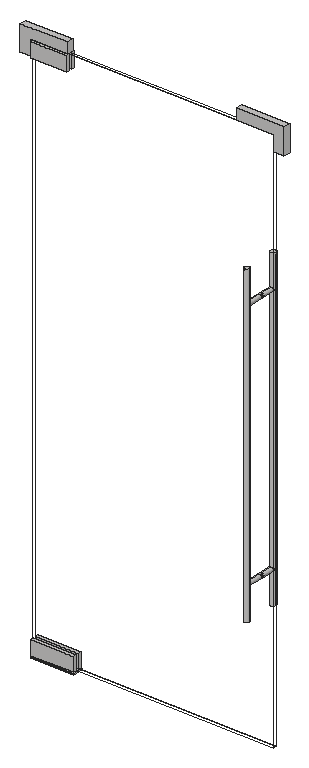
Revit family "Doors_Swing_Avanti_Systems_Pivot-Frameless-Single-Swing-Door-Sgl-Glazed", category Doors, Revit 2015
Parameters (values of type "Load Family Type Catalog")
  Youtube clip = ""
  Weight Net (Kg) = "0"
  Warranty = "1 year"  # constant formula
  Uniformat II Description = "Interior Doors"
  Uniformat II Code = "C1020"
  Uniclass 2015 Name = "Doors and windows"
  Uniclass 2015 Code = "EF_25_30"
  Uniclass 2.0 Description = ""
  Uniclass 2.0 Code = ""
  Uniclass 1.4 Description = "Doors"
  Uniclass 1.4 Code = "JL20"
  URL = "https://www.avantisystemsusa.com"
  UNSPSC Code = "30171504"
  Type = 1
  Thickness = if(Type = 1, 1/2", if(Type = 2, 3/4", if(Type = 3, 3/8", if(Type = 4, 7/16", 9/16"))))  # 1/2"
  Technical description = ""
  Sound Rating = 0
  Sketch dimension [instance] = Opening Width - 93/128"  # 36 35/128"
  Region South America = "All"
  Region Oceania = "All"
  Region North America = "All"
  Region Middle East = "All"
  Region Europe = "All"
  Region Asia = "All"
  Region Antarctica = "All"
  Region Africa = "All"
  Recessed Floor Closer [instance] = yes
  QR code = "http://bimobject.com/avantisystems/product/avanti-pivot-frameless-swing-door"
  Product url = "https://www.avantisystemsusa.com/glass-products/doors/pivot-doors-hinged-doors/single-glazed-frameless/"
  Product group = "Pivot Frameless Swing"
  Product family = "Pivot & Hinged Doors"
  Product data url = "https://bimobject.com/avantisystems/product/avanti-pivot-frameless-swing-door"
  Product certification = ""
  Product SKU = "avanti-pivot-frameless-swing-door"
  Product Guid = "3a11851e-372f-40ff-a97e-0ea9b5931639"
  Power = 110 V  # constant formula
  Opening Width [instance] = 37"
  OmniClass Description = "Wood Doors"
  OmniClass Code = "23-17 11 15"
  Nominal width = 0"
  Nominal height = 0"
  NBS Reference Description = ""
  NBS Reference Code = ""
  Model = "Pivot Frameless Swing Door"  # constant formula
  Material secondary = "Aluminium"
  Material main = "Glass"
  Masterformat 2014 Description = "Wood Doors"
  Masterformat 2014 Code = "08 14 00"
  Manufacturer name = "Avanti Systems"
  Manufacturer country = ""
  Manufacturer = "Avanti Systems USA"  # constant formula
  Lock = "Thumb turn floor lock with a key"
  Ladder Pull Height [instance] = 18"
  LEED compatibility = "YES"
  Installation instructions = ""
  IFC Classification = "Door"
  Height [instance] = 84"
  Hardware material [instance] = Stainless Steel - Avanti- Brushed Finish
  Handle type [instance] = Handle : 48" Ladder Pull
  Handle height [instance] = Height  # 84"
  Glazing = "Safety Glazing SGCC"
  Glass Width [instance] = 36 5/8"
  Glass Material = Glass - Avanti - Lunar™ Smart Glass Partition System
  Glass Marker = yes
  Glass Height [instance] = 83 5/8"
  Function = Interior
  Edition number = 1
  EAN code = ""
  Design country = "United States"
  Description = "The Pivot Frameless Glass Swing Door is our luxury glass door solution that is completely customizable and is compatible with every partition system we offer as well as solid traditional walls."  # constant formula
  Date of publishing = ""
  Clear Anodic Finish = "AAMA 611, AA-M12c22A31, Class II, 0.01mm or thicker"
  COBIe Type Category = ""
  Brand url = "http://www.avantisystemsusa.com/"
  BIMobject main category code = "doors"
  BIMobject main category = "Doors"
  BIMobject category code = "doors-swing"
  BIMobject category = "Swing"
  Analytic Construction = "<None>"
  Acoustic performance (dB) = 43  # constant formula
Reference planes (in)
  plane 1 "Center (Front/Back)": y = 0
  plane 2: z = 0
  plane 3 "Center (Left/Right)": x = 3.24894
  plane 4: x = -15.25106
  plane 5: x = 21.74894
  plane 6 "Top": z = 84
  plane 7 "Curtain_wall_center": y = 0
  plane 8 "Curtain_wall_exterior": y = 0.25
  plane 9 "Curtain_wall_interior": y = -0.25
  plane 10 "Handle_placement_level": x = 19.24894
  plane 11: x = 23.31144
  plane 12: x = -16.81356
  plane 13: z = 83.8125
  plane 14: x = 21.56144
  plane 15: x = -15.06356
  plane 16: z = 0.1875
  plane 17: z = 42
Forms (in)
  Extrusion 1, solid, material "Glass - Avanti - Lunar™ Smart Glass Partition System" <- "Glass Material"
    sketch origin (0, -1.125, 0) x (1, 0, 0) y (0, 1, 0)
      loop
        line (-15.06356, 1.375) -> (-15.06356, 0.875) -> (21.56144, 0.875) -> (21.56144, 1.375) -> (-15.06356, 1.375)
    from 0.1875 to 83.8125
Lines and regions (in)
  Masking region 1
    outline origin (3.24894, 0, 0) x (0, 1, 0) y (0, 0, 1)
      loop
        line (0.25, 83.8125) -> (-0.25, 83.8125) -> (-0.25, 0.1875) -> (0.25, 0.1875) -> (0.25, 83.8125)
  symbolic lines, style "0", not visible
    curve 1: circle (20.74894, 4.89891, 0) r 0.39445 normal (0, 0, 1)
    curve 2: line (20.43894, 4.65501, 0) -> (20.43894, 2.625, 0)
    curve 3: line (21.06195, 4.65887, 0) -> (21.06195, 2.625, 0)
    curve 4: circle (20.74894, -0.14891, 0) r 0.39445 normal (0, 0, -1)
    curve 5: line (20.43894, 0.09499, 0) -> (20.43894, 2.125, 0)
    curve 6: line (21.06195, 0.09113, 0) -> (21.06195, 2.125, 0)
  symbolic lines, style "0"
    curve 7: line (-14.76823, -0.25, 0) -> (21.74894, -0.25, 0)
    curve 8: line (21.74894, -0.25, 0) -> (21.74894, 0.25, 0)
    curve 9: line (-14.76823, 0.25, 0) -> (21.74894, 0.25, 0)
    curve 10: line (3.24894, 0.25, 84) -> (3.24894, -0.25, 84)
    curve 11: line (3.24894, 0.25, 73) -> (3.24894, 0.25, 83.8125)
    curve 12: line (3.24894, -0.25, 83.8125) -> (3.24894, -0.25, 73)
    curve 13: line (3.24894, 0.25, 0.1875) -> (3.24894, 0.25, 73)
    curve 14: line (3.24894, 0.70493, 0) -> (3.24894, 0.40916, 0)
    curve 15: line (3.24894, 0.25, 73) -> (3.24894, -0.25, 73)
    curve 16: line (3.24894, -0.25, 0.1875) -> (3.24894, -0.25, 83.8125)
  symbolic lines, visible <- "Glass Marker"
    curve 17: line (0.42051, -0.24998, 39.17157) -> (6.07737, -0.24998, 44.82843)
    curve 18: line (3.24894, -0.24998, 40.15204) -> (5.0969, -0.24998, 42)
    curve 19: line (1.40098, -0.24998, 42) -> (3.24894, -0.24998, 43.84796)
  symbolic lines, not visible
    curve 20: line (1.40098, 0.25002, 42) -> (5.0969, 0.25002, 42)
    curve 25: line (-1.84534, 0.25002, 22.66367) -> (1.85057, 0.25002, 22.66367)
  model lines, not visible
    curve 21: line (3.24894, 0.25002, 40.15204) -> (3.24894, 0.25002, 43.84796)
    curve 26: line (0.00262, 0.25002, 20.81572) -> (0.00262, 0.25002, 24.51163)
  symbolic lines, visible <- "Glass Marker", not visible
    curve 22: line (-2.82581, -0.24998, 19.83525) -> (2.83104, -0.24998, 25.4921)
    curve 23: line (0.00262, -0.24998, 20.81572) -> (1.85057, -0.24998, 22.66367)
    curve 24: line (-1.84534, -0.24998, 22.66367) -> (0.00262, -0.24998, 24.51163)
  symbolic lines, style "DoorsHiddenLines"
    curve 27: line (21.56144, 0, 83.8125) -> (-15.06356, 0, 42)
    curve 28: line (-15.06356, 0, 42) -> (21.56144, 0, 0.1875)
    curve 29: line (-14.33547, 0, 0) -> (-14.33547, 36.27344, 0)
    curve 30: arc (-14.33547, 36.27344, 0) -> (11.1585, 25.72611, 0) -> (21.74889, 0.25, 0) r 36.08441
Text (in)
  text "Exterior" at (-45.72835, 31.38743, 0), in view "Ref. Level"
Dimensions and locks (in)
  equal spacing: plane 4, plane 3 "Center (Left/Right)", plane 5  (x2)
  equal spacing: plane 8 "Curtain_wall_exterior", plane 7 "Curtain_wall_center", plane 9 "Curtain_wall_interior"
  "Thickness": plane 8 "Curtain_wall_exterior" to plane 9 "Curtain_wall_interior"
  "Opening Width": plane 4 to plane 5
  locked: plane 10 "Handle_placement_level" to plane 5 at 2.5
  curve 13 to curve 16 = 1/2"
  Extrusion 1 to Extrusion 1 = 1/2"
  locked: plane 5 to plane 11 at 1.5625
  locked: plane 12 to plane 4 at 1.5625
  "Height": plane 6 "Top" to plane 2
  locked: plane 13 to plane 6 "Top" at 0.1875
  locked: plane 14 to plane 5 at 0.1875
  locked: plane 4 to plane 15 at 0.1875
  locked: plane 2 to plane 16 at 0.1875
  equal spacing: plane 16, plane 17, plane 13
  "Glass Width": plane 15 to plane 14
  "Glass Height": plane 16 to plane 13
  locked: plane 15 to curve 29 at 0.72809
  "Sketch dimension": plane 7 "Curtain_wall_center" to curve 29
  locked: curve 30 to plane 5 at 0.00005
  aligned and locked: level to plane 2
  aligned and locked: curve 8 to plane 5
  aligned and locked: nested 1 to plane 5
  aligned and locked: nested 2 to plane 4  (x2)
  aligned and locked: plane 6 "Top" to nested 1
  aligned and locked: nested 2 to plane 6 "Top"
  aligned and locked: plane 9 "Curtain_wall_interior" to curve 8
  aligned and locked: plane 11 to nested 1
  aligned and locked: plane 12 to nested 2
  aligned and locked: plane 2 to nested 4
  aligned and locked: plane 5 to curve 9
  aligned and locked: Extrusion 1 to plane 16
  aligned and locked: Extrusion 1 to plane 14
  aligned and locked: plane 15 to Extrusion 1
  aligned and locked: Extrusion 1 to plane 13
  aligned and locked: nested 3 to plane 13
  aligned and locked: nested 5 to plane 13
  aligned and locked: plane 15 to nested 5
  aligned and locked: plane 15 to nested 4
  aligned and locked: plane 17 to curve 20
  aligned and locked: plane 3 "Center (Left/Right)" to curve 21
  aligned and locked: plane 16 to curve 28
  aligned and locked: plane 14 to curve 28
  aligned and locked: plane 17 to curve 27
  aligned and locked: plane 15 to curve 27
  aligned and locked: plane 13 to curve 27
  aligned and locked: plane 14 to curve 27
  aligned and locked: Masking region 1 sketch curve to plane 8 "Curtain_wall_exterior"
  aligned and locked: plane 9 "Curtain_wall_interior" to Masking region 1 sketch curve
  aligned and locked: plane 13 to Masking region 1 sketch curve
  aligned and locked: plane 16 to Masking region 1 sketch curve
  aligned and locked: plane 16 to curve 13
  aligned and locked: plane 16 to curve 16
  aligned and locked: plane 13 to curve 11
  aligned and locked: plane 13 to curve 16
  aligned and locked: plane 7 "Curtain_wall_center" to curve 29
  aligned and locked: curve 29 to curve 30
  aligned and locked: plane 7 "Curtain_wall_center" to nested 2
  aligned and locked: plane 7 "Curtain_wall_center" to nested 1
  aligned and locked: plane 10 "Handle_placement_level" to nested 3
  aligned and locked: plane 15 to nested 6
  aligned and locked: nested 6 to plane 2
  aligned and locked: nested 7 to plane 7 "Curtain_wall_center"
  aligned and locked: nested 7 to plane 2
Automatic sketch dimensions
  Extrusion 1 sketch curve to plane 4 = 3/16"
  plane 5 to Extrusion 1 sketch curve = 3/16"
  Extrusion 1 sketch curve to plane 9 "Curtain_wall_interior" = 0"
  Extrusion 1 sketch curve to plane 8 "Curtain_wall_exterior" = 0"
  plane 6 "Top" to curve 10 = 0"
  curve 10 to plane 9 "Curtain_wall_interior" = 0"
  curve 16 to plane 9 "Curtain_wall_interior" = 0"
  curve 13 to plane 8 "Curtain_wall_exterior" = 0"
  curve 10 to plane 8 "Curtain_wall_exterior" = 0"
  curve 14 to level = 0"
  plane 13 to curve 13 = 10 13/16"
  plane 8 "Curtain_wall_exterior" to curve 14 = 0.15916"
  curve 14 to curve 14 = 0.29578"
  curve 9 to plane 8 "Curtain_wall_exterior" = 0"
  curve 9 to plane 15 = 0.29533"
  curve 7 to plane 15 = 0.29533"
Nested families (in)
  nested 1: "Pivot Door Top Free Swing Patch Fitting" at (12.24802, -0.5, 84) x (-1, 0, 0) z (0, 1, 0), type "Pivot Door Top Free Swing Patch Fitting"
  nested 2: "Pivot Door Top Free Swing Patch Fitting" at (-5.75014, -0.5, 84) x (1, 0, 0) z (0, 1, 0), type "Pivot Door Top Free Swing Patch Fitting"
  nested 3: "Handle" at (17.62394, 1.625, 37.8125) x (1, 0, 0) z (0, 1, 0), type <- "Handle type", type "48" Ladder Pull", detail levels medium+fine
    with Locker yes, Width 37", Height 84"
  nested 4: "Pivot Door Bottom Free Swing Pivot Option" at (-15.06356, 0.25, 0) x (1, 0, 0) z (0, 1, 0), Glass Thickness Control <- "Thickness", Product Material <- "Hardware material", type "Glass Thickness 8.0 mm"
    with Recessed Floor Closer yes, Product Material Stainless Steel - Avanti- Brushed Finish, Glass Thickness Control 1/2"
  nested 5: "Pivot Door Top Free Swing Pivot" at (-15.06356, 0.25, 81.49754) x (1, 0, 0) z (0, 1, 0), Glass Thickness Control <- "Thickness", Product Material <- "Hardware material", type "Glass Thickness 8.0 mm"
    with Product Material Stainless Steel - Avanti- Brushed Finish, Glass Thickness Control 1/2"
  nested 6: "Recessed Floor Closer - Elevation" at (-12.99146, 0, 0.11624) x (1, 0, 0) z (0, -1, 0), visible <- "Recessed Floor Closer", type "Recessed Floor Closer - Elevation"
  nested 7: "Recessed Floor Closer - Section" at (3.24894, 0, 0) x (0, 1, 0) z (1, 0, 0), visible <- "Recessed Floor Closer", type "Recessed Floor Closer - Section"
Definition of nested family "Pivot Door Top Free Swing Patch Fitting"
  Parameters (values of type "Pivot Door Top Free Swing Patch Fitting")
    Material = none
    Default Elevation = 48"
  Reference planes (in)
    plane 1 "Center (Front/Back)": y = 0
    plane 2: z = 0
    plane 3 "Center (Left/Right)": x = 0
  Forms (in)
    Extrusion 1, solid, material <- "Material"
      sketch origin (5.75014, 73, 1.91797) x (0, -1, 0) y (1, 0, 0)
        loop
          line (73, -9.56356) -> (73, -15.25106) -> (70.64844, -15.25106) -> (70.64844, -16.81356) -> (74.5625, -16.81356) -> (74.5625, -9.56356) -> (73, -9.56356)
      from -1.91797 to -0.91797
  Lines and regions (in)
    reference lines
      curve 1: line (0, 2.35156, 0.5) -> (0, -5.14844, 0.5)
  Dimensions and locks (in)
    aligned and locked: level to plane 2
Definition of nested family "Handle"
  Parameters (values of type "48" Ladder Pull")
    Width = 54.28299"
    Type = 3
    Ladder Pool Height = 18"
    Ladder 60" = if(Type = 5, 1 = 1, 1 = 0)  # no
    Ladder = if(Type = 3, 1 = 1, 1 = 0)  # yes
    Thickness = 1/2"
    Panic hardware = if(Type = 4, 1 = 1, 1 = 0)  # no
    Material = none
    Locker [instance] = yes
    Height = 90 9/16"
    Glass door = if(Type = 2, 1 = 1, 1 = 0)  # no
    Framed door = if(Type = 1, 1 = 1, 1 = 0)  # no
    Default Elevation = 48"
  Types (3): name | Width | Type | Ladder 60" | Ladder | Panic hardware
    60" Ladder Pull | 54.28299" | 5 | yes | no | no
    Panic Device | 26.41493" | 4 | no | no | yes
    48" Ladder Pull | 54.28299" | 3 | no | yes | no
  Reference planes (in)
    plane 1 "Center (Front/Back)": y = 0
    plane 2: z = 0
    plane 3 "Center (Left/Right)": x = 0
    plane 4 "door_up": z = -1.375
    plane 5 "door_down": z = -1.875
    plane 6: z = -3.25
    plane 7: x = -1.25
    plane 8: x = -43.31449
    plane 9: x = -46.03299
    plane 10: x = -43.31449
    plane 11: y = 51.9375
    plane 12: y = 0.625
    plane 13: y = 11.125
    plane 14: y = 52.5625
    plane 15: y = -38
    plane 16: x = -50.15799
    plane 17 "door": x = 4.125
    plane 18: x = 1.625
    plane 19: y = -20
  Forms (in)
    Sweep 1, solid, material <- "Material", visible <- "Panic hardware"
      path origin (0, 0, 0) x (1, 0, 0) y (0, 1, 0)
        loop
          line (-1.25, 51.9375) -> (-1.25, 4.25)
          arc (-1.25, 4.25) -> (-2.12868, 2.12868) -> (-4.25, 1.25) r 3
          line (-4.25, 1.25) -> (-43.31449, 1.25)
      profile origin (-1.25, 28.09375, 0) x (1, 0, 0) y (0, 0, 1)
        loop
          circle (0.625, 0.625) r 0.625
    Sweep 2, solid, material <- "Material", visible <- "Panic hardware"
      path origin (0, 0, 0) x (1, 0, 0) y (0, 0, 1)
        loop
          line (-43.31449, 0) -> (-44.06449, 0)
          arc (-44.06449, 0) -> (-44.57255, -0.21044) -> (-44.78299, -0.7185) r 0.7185
          line (-44.78299, -0.7185) -> (-44.78299, -1.375)
      profile origin (-43.68949, 0, 0) x (0, 0, -1) y (0, -1, 0)
        loop
          circle (-0.625, -0.625) r 0.625
    Sweep 3, solid, material <- "Material", visible <- "Panic hardware"
      path origin (0, 0, -6.75) x (1, 0, 0) y (0, 0, -1)
        loop
          line (-43.31449, -3.5) -> (-44.06449, -3.5)
          arc (-44.06449, -3.5) -> (-44.57255, -3.71044) -> (-44.78299, -4.2185) r 0.7185
          line (-44.78299, -4.2185) -> (-44.78299, -4.875)
      profile origin (-43.68949, 0, -3.25) x (0, 0, -1) y (0, -1, 0)
        loop
          circle (0.625, -0.625) r 0.625
    Sweep 4, solid, material <- "Material", visible <- "Panic hardware"
      path origin (-30, 0, -6.75) x (-1, 0, 0) y (0, 0, -1)
        loop
          line (13.31449, -3.5) -> (-28.0315, -3.5)
          arc (-28.0315, -3.5) -> (-28.53956, -3.71044) -> (-28.75, -4.2185) r 0.7185
          line (-28.75, -4.2185) -> (-28.75, -4.875)
      profile origin (-22.6415, 0, -3.25) x (0, 0, 1) y (0, -1, 0)
        loop
          circle (-0.625, -0.625) r 0.625
  Cuts and joins
    joined: Sweep 1, Sweep 2
    joined: Sweep 3, Sweep 4
  Dimensions and locks (in)
    "Thickness": plane 5 "door_down" to plane 4 "door_up"
    locked: plane 3 "Center (Left/Right)" to plane 7 at 1.25
    locked: plane 9 to plane 8 at 2.7185
    locked: plane 9 to Sweep 3 sketch curve at 1.25
    locked: Sweep 2 sketch curve to plane 9 at 1.25
    locked: plane 10 to plane 9 at 2.7185
    locked: Sweep 1 sketch curve to plane 1 "Center (Front/Back)" at 1.25
    locked: plane 3 "Center (Left/Right)" to nested 1 at 0.125
    locked: plane 4 "door_up" to plane 2 at 1.375
    locked: plane 6 to plane 5 "door_down" at 1.375
    locked: plane 12 to plane 1 "Center (Front/Back)" at 0.625
    locked: plane 13 to plane 12 at 10.5
    locked: plane 14 to plane 11 at 0.625
    "Height": plane 14 to plane 15
    locked: plane 1 "Center (Front/Back)" to plane 15 at 38
    locked: plane 3 "Center (Left/Right)" to plane 17 "door" at 4.125
    "Width": plane 16 to plane 17 "door"
    locked: plane 16 to plane 10 at 6.8435
    locked: plane 18 to plane 17 "door" at 2.5
    "Ladder Pool Height": plane 19 to plane 15
    aligned and locked: level to plane 2
    aligned and locked: plane 4 "door_up" to cut or joined group of Sweep 1, Sweep 2
    aligned and locked: Sweep 2 sketch curve to plane 4 "door_up"
    aligned and locked: Sweep 3 sketch curve to plane 5 "door_down"
    aligned and locked: plane 6 to Sweep 3 sketch curve
    aligned and locked: plane 7 to Sweep 4 sketch curve
    aligned and locked: Sweep 4 sketch curve to plane 6
    aligned and locked: plane 8 to Sweep 4 sketch curve
    aligned and locked: plane 8 to Sweep 3 sketch curve
    aligned and locked: plane 10 to Sweep 2 sketch curve
    aligned and locked: plane 10 to Sweep 1 sketch curve
    aligned and locked: plane 11 to Sweep 1 sketch curve
    aligned and locked: plane 5 "door_down" to Sweep 4 sketch curve
    aligned and locked: nested 1 to plane 4 "door_up"
    aligned and locked: plane 13 to nested 1
    aligned and locked: nested 2 to plane 4 "door_up"
    aligned and locked: plane 3 "Center (Left/Right)" to nested 2
    aligned and locked: nested 2 to plane 11
    aligned and locked: nested 2 to plane 14
    aligned and locked: plane 18 to nested 3
    aligned and locked: plane 1 "Center (Front/Back)" to nested 3
    aligned and locked: nested 4 to plane 18
    aligned and locked: nested 4 to plane 1 "Center (Front/Back)"
    aligned and locked: nested 5 to plane 4 "door_up"
    aligned and locked: nested 5 to plane 17 "door"
    aligned and locked: nested 5 to plane 1 "Center (Front/Back)"
    aligned and locked: nested 6 to plane 4 "door_up"
    aligned and locked: plane 5 "door_down" to nested 7
    aligned and locked: nested 7 to plane 19
    aligned and locked: plane 19 to nested 6
    aligned and locked: nested 6 to plane 18
    aligned and locked: nested 7 to plane 18
    aligned and locked: plane 4 "door_up" to nested 8
    aligned and locked: plane 15 to nested 8
    aligned and locked: plane 5 "door_down" to nested 9
    aligned and locked: nested 9 to plane 15
    aligned and locked: plane 18 to nested 8
    aligned and locked: plane 18 to nested 9
  Nested families (in)
    nested 1: "Family2" at (-1.125, 11.125, 0.22234), visible <- "Panic hardware", type "Family2"
      with Lock yes
    nested 2: "Family3" at (-0.26102, 51.9375, -1.63602), visible <- "Panic hardware", type "Family3"
      with Thickness 1/2"
    nested 3: "Handle Timber" at (1.625, 0, -1.875), Locker <- "Locker", visible <- "Framed door", type "Handle Timber"
      with Locker yes
    nested 4: "Handle Timber" at (1.625, 0, -1.375) x (1, 0, 0) z (0, 0, -1), Locker <- "Locker", visible <- "Framed door", type "Handle Timber"
      with Locker yes
    nested 5: "Hinged Framed Swing locker" at (3.22214, -1.5625, -5.625), Handle and assembly material <- "Material", visible <- "Glass door", type "Hinged Framed Swing locker"
      with Handle and assembly material none
    nested 6: "Handle_For-Glass_Rounded_600mm" at (1.625, 13.36577, -1.375) x (-1, 0, 0) z (0, 0, -1), Handle Material <- "Material", visible <- "Ladder", type "Handle_For-Glass_Rounded_600mm"
      with Handle Material none, Handle Height 48"
    nested 7: "Handle_For-Glass_Rounded_600mm" at (1.625, -5.36577, -1.875) x (-1, 0, 0) z (0, 0, 1), Handle Material <- "Material", visible <- "Ladder", type "Handle_For-Glass_Rounded_600mm"
      with Handle Material none, Handle Height 48"
    nested 8: "Handle_For-Glass_Rounded_60in" at (1.625, 2.47039, -1.375), visible <- "Ladder 60"", Handle Material <- "Material", type "60""
      with No locker yes, Locker no, Handle Material none, Handle Height 60"
    nested 9: "Handle_For-Glass_Rounded_60in2" at (1.625, 2.47039, -1.875), visible <- "Ladder 60"", Handle Material <- "Material", type "60""
      with No locker no, Locker yes, Handle Material none, Handle Height 60"
  Definition of nested family "Family2"
    Parameters (values of type "Family2")
      Thickness = 1/2"
      Material = none
      Lock = no
    Reference planes (in)
      plane 1 "Center (Front/Back)": y = 0
      plane 2: z = 0
      plane 3 "Center (Left/Right)": x = 0
      plane 4: z = -2.09734
      plane 5: z = -1.59734
    Forms (in)
      Extrusion 1, solid, material <- "Material"
        sketch origin (0, 0, 0) x (0, 1, 0) y (0, 0, 1)
          loop
            line (5.04078, -0.345) -> (5.04078, 0) -> (-2.39922, 0) -> (-2.39922, -0.345) -> (5.04078, -0.345)
        from 0 to 1
      Extrusion 2, solid, material <- "Material"
        sketch origin (0, 0, 0) x (0, 1, 0) y (0, 0, 1)
          loop
            line (-0.3074, -0.345) -> (-1.4374, -0.345) -> (-1.4374, -1.31734) -> (-0.3074, -1.31734) -> (-0.3074, -0.345)
        from 0.32565 to 0.66353
      Extrusion 3, solid, material <- "Material"
        sketch origin (0, 0, 0) x (0, 1, 0) y (0, 0, 1)
          loop
            line (-1.4374, -1.31734) -> (-1.4374, -1.59734) -> (1.43807, -1.59734) -> (1.43807, -1.31734) -> (-1.4374, -1.31734)
          loop
            line (1.45803, -2.09734) -> (-1.41697, -2.09734) -> (-1.41697, -3.82961)
            arc (-1.41697, -3.82961) -> (-1.36191, -3.96254) -> (-1.22897, -4.01761) r 0.188
            line (-1.22897, -4.01761) -> (1.27003, -4.01761)
            arc (1.27003, -4.01761) -> (1.40297, -3.96254) -> (1.45803, -3.82961) r 0.188
            line (1.45803, -3.82961) -> (1.45803, -2.09734)
        from 0 to 1
      Extrusion 4, solid, material <- "Material"
        sketch origin (0, 0, 0) x (0, 1, 0) y (0, 0, 1)
          loop
            arc (-3.2641, -0.65221) -> (-3.242, -0.64306) -> (-3.23285, -0.62096) r 0.03125
            line (-3.23285, -0.62096) -> (-3.23285, 0) -> (-3.4516, 0) -> (-3.4516, -0.62096)
            arc (-3.4516, -0.62096) -> (-3.44244, -0.64306) -> (-3.42035, -0.65221) r 0.03125
            line (-3.42035, -0.65221) -> (-3.2641, -0.65221)
        from 0.32565 to 0.66353
      Extrusion 5, solid, material <- "Material", visible <- "Lock"
        sketch origin (1, 0, 0) x (0, 1, 0) y (0, 0, 1)
          loop
            circle (0.20853, -3.12734) r 0.58
          loop
            circle (0.20853, -3.12734) r 0.5625
          loop
            circle (-0.07272, -3.12734) r 0.22671
        from 0 to 0.25
      Extrusion 6, solid, material <- "Material", visible <- "Lock"
        sketch origin (1, 0, 0) x (0, 1, 0) y (0, 0, 1)
          loop
            circle (0.20853, -3.12734) r 0.5625
        from 0 to 0.20472
      Extrusion 7, solid, material <- "Material", visible <- "Lock", not visible
        sketch origin (1, 0, 0) x (0, 1, 0) y (0, 0, 1)
          loop
            circle (0.20853, -3.12734) r 0.58
          loop
            circle (0.20853, -3.12734) r 0.5625
          loop
            circle (-0.07272, -3.12734) r 0.22671
        from 0 to 0.25
      Extrusion 8, solid, material <- "Material", visible <- "Lock", not visible
        sketch origin (1, 0, 0) x (0, 1, 0) y (0, 0, 1)
          loop
            circle (0.20853, -3.12734) r 0.5625
        from 0 to 0.20472
    Lines and regions (in)
      model lines, not visible
        curve 1: line (0, -0.35397, -3.12734) -> (0, 0.39603, -3.12734)
        curve 2: line (0, -0.35397, -3.12734) -> (0, 0.39603, -3.12734)
    Dimensions and locks (in)
      "Thickness": plane 4 to plane 5
      locked: plane 5 to plane 2 at 1.59734
      aligned and locked: level to plane 2
      aligned and locked: plane 5 to Extrusion 3 sketch curve
      aligned and locked: Extrusion 3 sketch curve to Extrusion 2
      aligned and locked: Extrusion 3 sketch curve to plane 4
  Definition of nested family "Family3"
    Parameters (values of type "Family3")
      Thickness = 0.50125"
      Material = none
    Reference planes (in)
      plane 1 "Center (Front/Back)": y = 0
      plane 2: z = 0
      plane 3 "Center (Left/Right)": x = 0
      plane 4: z = 0.26102
      plane 5: z = -0.24023
    Forms (in)
      Extrusion 1, solid, material <- "Material"
        sketch origin (-0.98898, 0.625, 0.26102) x (0, 0, -1) y (0, 1, 0)
          loop
            line (-0.28125, 0.125) -> (-0.28125, -2.375) -> (0, -2.375) -> (0, 0) -> (0.50125, 0) -> (0.50125, -2.37518) -> (0.78125, -2.37518) -> (0.78125, 0.125) -> (-0.28125, 0.125)
        from 0 to 1.25
      Revolve 2, solid, material <- "Material"
        sketch origin (-0.36398, 0.615, 0.26102) x (0, 0, -1) y (0, 1, 0)
          loop
            line (-0.28125, -0.615) -> (-1.5092, -0.615) -> (-1.5092, -0.995) -> (-0.28125, -0.995) -> (-0.28125, -0.615)
          axis (-1.5092, -0.995) -> (-0.28125, -0.995)
        angle from 0 to 360
    Dimensions and locks (in)
      "Thickness": plane 4 to plane 5
      locked: Extrusion 1 to plane 4 at 0.28125
      locked: plane 5 to Extrusion 1 at 0.28
      aligned and locked: level to plane 2
      aligned and locked: Extrusion 1 to plane 4
      aligned and locked: plane 5 to Extrusion 1
  Definition of nested family "Handle Timber"
    Parameters (values of type "Handle Timber")
      Locker [instance] = yes
      Handle material = none
      Default Elevation = 48"
    Reference planes (in)
      plane 1 "Center (Front/Back)": y = 0
      plane 2: z = 0
      plane 3 "Center (Left/Right)": x = 0
    Forms (in)
      Extrusion 1, solid, material <- "Handle material"
        sketch origin (0, 0.00944, 0.00975) x (-1, 0, 0) y (0, -1, 0.00026)
          loop
            line (0.82036, -6.01526) -> (0.82036, -4.11121)
            arc (0.82036, -4.11121) -> (0, -3.29085) -> (-0.82036, -4.11121) r 0.82036
            line (-0.82036, -4.11121) -> (-0.82036, -6.01526)
            arc (-0.82036, -6.01526) -> (0, -6.83563) -> (0.82036, -6.01526) r 0.82036
          loop
            line (0.82036, -0.95129) -> (0.82036, 0.95276)
            arc (0.82036, 0.95276) -> (0, 1.77313) -> (-0.82036, 0.95276) r 0.82036
            line (-0.82036, 0.95276) -> (-0.82036, -0.95129)
            arc (-0.82036, -0.95129) -> (0, -1.77165) -> (0.82036, -0.95129) r 0.82036
        from -0.36 to -0.00798
      Sweep 2, solid, material <- "Handle material"
        path origin (0, 0.00944, 0.00975) x (-1, 0, 0) y (0, 0.00026, 1)
          loop
            line (0.00372, -0.36) -> (0.00372, -2.13165)
            arc (0.00372, -2.13165) -> (0.19244, -2.58727) -> (0.64805, -2.77599) r 0.64433
            line (0.64805, -2.77599) -> (4.19136, -2.77599)
            arc (4.19136, -2.77599) -> (4.78191, -2.53137) -> (5.02652, -1.94082) r 0.83517
            line (5.02652, -1.94082) -> (5.02652, -0.63757)
        profile origin (-0.00372, 0.00911, -1.23607) x (-1, 0, 0) y (0, 1, -0.00026)
          loop
            circle (0, 0) r 0.3937
      Extrusion 3, solid, material <- "Handle material", visible <- "Locker"
        sketch origin (0, 0.00944, 0.00975) x (-1, 0, 0) y (0, -1, 0.00026)
          loop
            line (0.82009, 4.11958) -> (0.82408, 6.02363)
            arc (0.82408, 6.02363) -> (0.00543, 6.84571) -> (-0.81665, 6.02706) r 0.82036
            line (-0.81665, 6.02706) -> (-0.82063, 4.12301)
            arc (-0.82063, 4.12301) -> (-0.00199, 3.30093) -> (0.82009, 4.11958) r 0.82036
        from -0.36 to -0.01061
    Lines and regions (in)
      reference lines
        curve 1: line (0, 6.84506, 0) -> (0, -6.83627, 0)
        curve 2: line (-5.42022, 0.00893, 0) -> (0.82036, 0.00893, 0)
    Dimensions and locks (in)
      aligned and locked: level to plane 2
  Definition of nested family "Hinged Framed Swing locker"
    Parameters (values of type "Hinged Framed Swing locker")
      Thickness = 1/2"
      Lock = yes
      Handle and assembly material [instance] = none
    Reference planes (in)
      plane 1 "Center (Front/Back)": y = 0
      plane 2: z = 0
      plane 3 "Center (Left/Right)": x = 0
      plane 4: y = 0.59375
      plane 5: y = -0.59375
      plane 6: x = -1
      plane 7: x = 1
      plane 8: y = 0.25
      plane 9: y = -0.25
      plane 10: x = 1.5
      plane 11: z = 8
      plane 12: z = 4.6875
      plane 13: z = 3.6875
      plane 14: z = 3.125
      plane 15: x = 1.38539
      plane 16: z = 2.79297
      plane 17: y = 0.25
      plane 18: y = -0.25
      plane 19: x = 0.90286
      plane 20: z = 6.0625
      plane 21: y = -0.84375
      plane 22: y = -0.80275
      plane 23 "handle_center": z = 2.4375
      plane 24: x = -4.375
      plane 25: y = -1.23355
      plane 26: z = 2.69544
      plane 27: z = 2.17956
      plane 28: y = -2.05222
      plane 29: y = -2.71875
      plane 30: z = 2.69544
      plane 31: z = 2.17956
      plane 32: z = 4.25
      plane 33: z = 3.75
      plane 34: z = 4
    Forms (in)
      Extrusion 1, solid, material <- "Handle and assembly material"
        sketch origin (0, -4, 4) x (1, 0, 0) y (0, 0, -1)
          loop
            line (-1, 0.59375) -> (-1, 0.25) -> (0.90286, 0.25) -> (0.90286, -0.25) -> (-1, -0.25) -> (-1, -0.59375) -> (1, -0.59375) -> (1, 0.59375) -> (-1, 0.59375)
        from 0 to 8
      Extrusion 2, solid, material <- "Handle and assembly material", detail levels fine
        sketch origin (0, -4, 4) x (1, 0, 0) y (0, 0, -1)
          loop
            line (1, 0.25) -> (1, -0.25)
            arc (1, -0.25) -> (1.27121, -0.02121) -> (1.5, 0.25) r 2.09856
            line (1.5, 0.25) -> (1, 0.25)
        from 3.6875 to 4.6875
      Extrusion 3, solid, material <- "Handle and assembly material", detail levels fine
        sketch origin (0, -4, 4) x (1, 0, 0) y (0, 0, -1)
          loop
            line (1, 0.25) -> (1, -0.25)
            arc (1, -0.25) -> (1.0598, -0.20427) -> (1.0921, -0.13627) r 0.16012
            arc (1.0921, -0.13627) -> (1.11202, -0.10046) -> (1.14874, -0.08227) r 0.06897
            line (1.14874, -0.08227) -> (1.30312, -0.08227)
            arc (1.30312, -0.08227) -> (1.36129, -0.05818) -> (1.38539, 0) r 0.08227
            arc (1.38539, 0) -> (1.36129, 0.05818) -> (1.30312, 0.08227) r 0.08227
            line (1.30312, 0.08227) -> (1.14874, 0.08227)
            arc (1.14874, 0.08227) -> (1.11202, 0.10046) -> (1.0921, 0.13627) r 0.06897
            arc (1.0921, 0.13627) -> (1.0598, 0.20427) -> (1, 0.25) r 0.16012
        from 2.79297 to 3.125
      Extrusion 4, solid, material <- "Handle and assembly material", visible <- "Lock", detail levels medium+fine
        sketch origin (1, -4, 4.59375) x (-1, 0, 0) y (0, -1, 0)
          loop
            circle (1, -6.0625) r 0.63654
          loop
            circle (1, -6.0625) r 0.60041
        from 0 to 0.25
      Extrusion 5, solid, material <- "Handle and assembly material", visible <- "Lock", detail levels medium+fine
        sketch origin (1, -4, 4.59375) x (-1, 0, 0) y (0, -1, 0)
          loop
            circle (1, -6.0625) r 0.60041
        from 0 to 0.209
      Blend 6, solid, material <- "Handle and assembly material", visible <- "Lock", detail levels fine
        base sketch origin (1, -4, 4.80275) x (-1, 0, 0) y (0, -1, 0)
          loop
            circle (1, -5.84645) r 0.21605
        top sketch origin (1, -4, 4.80275) x (-1, 0, 0) y (0, -1, 0)
          loop
            circle (1, -5.84645) r 0.19257
        from 0 to 0.041
      Extrusion 7, solid, material <- "Handle and assembly material"
        sketch origin (1, -4, 4.59375) x (-1, 0, 0) y (0, -1, 0)
          loop
            circle (1, -2.4375) r 0.35547
        from 0 to 1.45847
      Extrusion 8, void
        sketch origin (0.04357, -4.04543, 4) x (0, 0, -1) y (-0.017452, 0.999848, 0)
          loop
            line (-1.23355, 2.79297) -> (-1.23355, 2.90667) -> (-2.86779, 2.90667) -> (-2.86779, 2.69544) -> (-1.36779, 2.69544)
            arc (-1.36779, 2.69544) -> (-1.28242, 2.71908) -> (-1.23355, 2.79297) r 0.12635
        from -3.60215 to 0.49573
      Extrusion 9, solid, material <- "Handle and assembly material"
        sketch origin (1, -4, 4.59375) x (-1, 0, 0) y (0, -1, 0)
          loop
            arc (0.71851, -2.22043) -> (0.66353, -2.32283) -> (0.64453, -2.4375) r 0.35547
            arc (0.64453, -2.4375) -> (0.66353, -2.55217) -> (0.71851, -2.65457) r 0.35547
            line (0.71851, -2.65457) -> (5.3098, -2.57443) -> (5.375, -2.50923) -> (5.375, -2.36577) -> (5.3098, -2.30057) -> (0.71851, -2.22043)
        from 1.45847 to 2.125
      Extrusion 10, void
        sketch origin (0.04357, 0.92043, 4) x (0, 0, -1) y (0.017452, 0.999848, 0)
          loop
            arc (-1.23355, -2.79297) -> (-1.28242, -2.71908) -> (-1.36779, -2.69544) r 0.12635
            line (-1.36779, -2.69544) -> (-2.86779, -2.69544) -> (-2.86779, -2.90667) -> (-1.23355, -2.90667) -> (-1.23355, -2.79297)
        from -3.60215 to 0.49573
      Extrusion 11, solid, material <- "Handle and assembly material"
        sketch origin (1, -4, 3.40625) x (0, 1, 0) y (1, 0, 0)
          loop
            circle (2.4375, -1) r 0.35547
        from 0 to 1.45847
      Extrusion 12, void
        sketch origin (0.04357, -4.04543, 4) x (0, 0, 1) y (0.017452, -0.999848, 0)
          loop
            arc (-1.23355, -2.79297) -> (-1.28242, -2.71908) -> (-1.36779, -2.69544) r 0.12635
            line (-1.36779, -2.69544) -> (-2.86779, -2.69544) -> (-2.86779, -2.90667) -> (-1.23355, -2.90667) -> (-1.23355, -2.79297)
        from -3.60215 to 0.49573
      Extrusion 13, solid, material <- "Handle and assembly material"
        sketch origin (1, -4, 3.40625) x (0, 1, 0) y (1, 0, 0)
          loop
            line (2.22043, -0.71851) -> (2.30057, -5.3098) -> (2.36577, -5.375) -> (2.50923, -5.375) -> (2.57443, -5.3098) -> (2.65457, -0.71851)
            arc (2.65457, -0.71851) -> (2.55217, -0.66353) -> (2.4375, -0.64453) r 0.35547
            arc (2.4375, -0.64453) -> (2.32283, -0.66353) -> (2.22043, -0.71851) r 0.35547
        from 1.45847 to 2.125
      Extrusion 14, void
        sketch origin (0.04357, 0.92043, 4) x (0, 0, 1) y (-0.017452, -0.999848, 0)
          loop
            line (-1.23355, 2.79297) -> (-1.23355, 2.90667) -> (-2.86779, 2.90667) -> (-2.86779, 2.69544) -> (-1.36779, 2.69544)
            arc (-1.36779, 2.69544) -> (-1.28242, 2.71908) -> (-1.23355, 2.79297) r 0.12635
        from -3.60215 to 0.49573
    Cuts and joins
      Extrusion 8, Extrusion 10, Extrusion 12, Extrusion 14 cuts Extrusion 7
      Extrusion 10, Extrusion 12, Extrusion 14 cuts Extrusion 9
      joined: Extrusion 7, Extrusion 9
      Extrusion 12, Extrusion 14 cuts Extrusion 11
      Extrusion 12 cuts Extrusion 13
      joined: Extrusion 11, Extrusion 13
    Lines and regions (in)
      reference lines
        curve 1: line (0.35547, -1.5625, 0) -> (-4.39453, -1.5625, 0)
    Dimensions and locks (in)
      plane 4 to plane 5 = 1 3/16"
      plane 6 to plane 7 = 2"
      plane 11 to plane 2 = 8"
      plane 11 to plane 12 to plane 13 to plane 14 to plane 16 = 3 5/16" locked, 1" locked, 9/16" locked, 85/256" locked
      equal spacing: plane 17, plane 1 "Center (Front/Back)", plane 18
      "Thickness": plane 17 to plane 18
      locked: plane 19 to plane 7 at 0.09714
      locked: plane 15 to plane 10 at 0.11461
      equal spacing: plane 6, plane 3 "Center (Left/Right)", plane 7
      locked: plane 11 to plane 20 at 1.9375
      locked: plane 5 to plane 21 at 0.25
      locked: plane 22 to plane 21 at 0.041
      locked: plane 11 to plane 23 "handle_center" at 5.5625
      locked: plane 24 to plane 7 at 5.375
      locked: plane 5 to plane 29 at 2.125
      "Thickness": plane 32 to plane 33
      locked: Extrusion 1 to plane 32 at 0.34375
      locked: plane 33 to Extrusion 1 at 0.34375
      aligned and locked: level to plane 2
      aligned and locked: Extrusion 1 sketch curve to plane 6  (x2)
      aligned and locked: plane 7 to Extrusion 1 sketch curve
      aligned and locked: plane 7 to Extrusion 3 sketch curve  (x2)
      aligned and locked: plane 15 to Extrusion 3 sketch curve
      aligned and locked: plane 7 to Extrusion 2 sketch curve  (x2)
      aligned and locked: plane 10 to Extrusion 2 sketch curve
      aligned and locked: plane 19 to Extrusion 1 sketch curve
      aligned and locked: Extrusion 1 to plane 32
      aligned and locked: plane 33 to Extrusion 1
    Automatic sketch dimensions
      Extrusion 1 sketch curve to plane 12 = 3/32"
      Extrusion 1 sketch curve to Extrusion 1 sketch curve = 11/32"
      plane 13 to Extrusion 1 sketch curve = 1/16"
      Extrusion 1 sketch curve to plane 13 = 9/32"
      plane 23 "handle_center" to Extrusion 2 sketch curve = 0.09981"
      Extrusion 2 sketch curve to plane 3 "Center (Left/Right)" = 0.21269"
      plane 13 to Extrusion 2 sketch curve = 1/16"
      Extrusion 3 sketch curve to Extrusion 3 sketch curve = 0"  (x2)
      plane 19 to Extrusion 3 sketch curve = 0.0325"  (x2)
      Extrusion 3 sketch curve to plane 7 = 0.14874"  (x2)
      Extrusion 3 sketch curve to Extrusion 3 sketch curve = 0.01087"  (x2)
      Extrusion 3 sketch curve to Extrusion 3 sketch curve = 0.08227"
      Extrusion 3 sketch curve to plane 12 = 7/16"
      Extrusion 3 sketch curve to Extrusion 3 sketch curve = 0.09962"
      Extrusion 3 sketch curve to Extrusion 3 sketch curve = 0.1465"
      Extrusion 3 sketch curve to Extrusion 3 sketch curve = 0.06811"  (x2)
      Extrusion 3 sketch curve to Extrusion 3 sketch curve = 0.20701"
      plane 13 to Extrusion 3 sketch curve = 1/16"
      Extrusion 4 sketch curve to Extrusion 4 sketch curve = 0"  (x2)
      Extrusion 4 sketch curve to Extrusion 1 = 1"
      Extrusion 1 to Extrusion 4 sketch curve = 1 15/16"
      Extrusion 5 sketch curve to Extrusion 1 = 1"
      Extrusion 1 to Extrusion 5 sketch curve = 1 15/16"
      Extrusion 7 sketch curve to plane 3 "Center (Left/Right)" = 0"
      plane 25 to Extrusion 7 sketch curve = 0.32895"
      plane 20 to Extrusion 8 sketch curve = 0.80529"
      plane 12 to Extrusion 8 sketch curve = 0.68029"
      Extrusion 8 sketch curve to Extrusion 8 sketch curve = 0.0111"
      Extrusion 8 sketch curve to Extrusion 8 sketch curve = 0.12313"
      Extrusion 8 sketch curve to Extrusion 8 sketch curve = 0.09753"
      Extrusion 8 sketch curve to Extrusion 8 sketch curve = 0.1137"
      Extrusion 9 sketch curve to Extrusion 9 sketch curve = 0"  (x4)
      Extrusion 9 sketch curve to Extrusion 1 = 0.71851"
      Extrusion 9 sketch curve to Extrusion 9 sketch curve = 0.28149"
      Extrusion 1 to Extrusion 9 sketch curve = 3.3098"
      Extrusion 9 sketch curve to Extrusion 9 sketch curve = 0.0652"  (x3)
      Extrusion 1 to Extrusion 9 sketch curve = 2.65457"
      Extrusion 1 to Extrusion 9 sketch curve = 2.57443"
      Extrusion 9 sketch curve to Extrusion 9 sketch curve = 0.21707"
      Extrusion 9 sketch curve to Extrusion 9 sketch curve = 0.14346"
      plane 20 to Extrusion 10 sketch curve = 0.80529"
      plane 12 to Extrusion 10 sketch curve = 0.68029"
      Extrusion 10 sketch curve to Extrusion 10 sketch curve = 0.0111"
      Extrusion 10 sketch curve to Extrusion 10 sketch curve = 0.12313"
      Extrusion 10 sketch curve to Extrusion 10 sketch curve = 0.08537"
      Extrusion 10 sketch curve to Extrusion 10 sketch curve = 0.1137"
      Extrusion 11 sketch curve to plane 3 "Center (Left/Right)" = 0"
      plane 25 to Extrusion 11 sketch curve = 0.32895"
      plane 27 to Extrusion 12 sketch curve = 1.04735"
      Extrusion 12 sketch curve to plane 26 = 0.06323"
      Extrusion 12 sketch curve to plane 26 = 0.05213"
      Extrusion 12 sketch curve to plane 16 = 0.02652"
      Extrusion 12 sketch curve to Extrusion 12 sketch curve = 0.08537"
      Extrusion 12 sketch curve to Extrusion 12 sketch curve = 0.1137"
      Extrusion 13 sketch curve to Extrusion 13 sketch curve = 0"  (x2)
      Extrusion 13 sketch curve to plane 24 = 0"
      Extrusion 13 sketch curve to plane 3 "Center (Left/Right)" = 0"
      plane 28 to Extrusion 13 sketch curve = 0.27265"
      Extrusion 13 sketch curve to plane 24 = 0.0652"  (x2)
      plane 28 to Extrusion 13 sketch curve = 0.35279"
      Extrusion 13 sketch curve to Extrusion 13 sketch curve = 0.0652"  (x2)
      plane 25 to Extrusion 13 sketch curve = 0.32895"
      Extrusion 13 sketch curve to Extrusion 13 sketch curve = 0.14346"
      plane 25 to Extrusion 13 sketch curve = 0.11187"
      plane 3 "Center (Left/Right)" to Extrusion 13 sketch curve = 0.28149"
      plane 27 to Extrusion 14 sketch curve = 1.04735"
      Extrusion 14 sketch curve to plane 26 = 0.06323"
      Extrusion 14 sketch curve to plane 26 = 0.05213"
      Extrusion 14 sketch curve to plane 16 = 0.02652"
      Extrusion 14 sketch curve to Extrusion 14 sketch curve = 0.09753"
      Extrusion 14 sketch curve to Extrusion 14 sketch curve = 0.1137"
      plane 24 to curve 1 = 5/256"
      plane 25 to curve 1 = 0.32895"
      plane 3 "Center (Left/Right)" to curve 1 = 91/256"
      radius of Extrusion 4 sketch curve = 0.63654"
      radius of Extrusion 4 sketch curve = 0.60041"
      radius of Extrusion 5 sketch curve = 0.60041"
      radius of Blend 6 sketch curve = 0.21605"
      radius of Blend 6 sketch curve = 0.19257"
      radius of Extrusion 7 sketch curve = 91/256"
      radius of Extrusion 11 sketch curve = 91/256"
  Definition of nested family "Handle_For-Glass_Rounded_600mm"
    Parameters (values of type "Handle_For-Glass_Rounded_600mm")
      Handle Material [instance] = none
      Handle Height [instance] = 48"  # constant formula
      Default Elevation = 48"
    Reference planes (in)
      plane 1 "Center (Front/Back)": y = 0
      plane 2: z = 26.93599
      plane 3 "Center (Left/Right)": x = 0
      plane 4: z = 0
      plane 5: z = -2.66749
      plane 6: y = -28.44876
      plane 7: y = 14.63423
      plane 8: y = -33.36577
    Forms (in)
      Sweep 1, solid, material <- "Handle Material"
        path origin (0, -17.24158, 0) x (0, 0, 1) y (0, -1, 0)
          loop
            line (-2.10925, 11.20718) -> (0, 11.20718)
        profile origin (0, -28.44876, 0) x (0, -1, 0) y (1, 0, 0)
          loop
            circle (0, 0) r 0.3125
      Sweep 2, solid, material <- "Handle Material"
        path origin (0, 10.76459, 0) x (0, 0, 1) y (0, -1, 0)
          loop
            line (-2.30394, 1.07019) -> (0, 1.07019)
        profile origin (0, 9.69441, 0) x (0, -1, 0) y (1, 0, 0)
          loop
            circle (0, 0) r 0.3125
      Extrusion 3, solid, material <- "Handle Material"
        sketch origin (0, -17.24158, 0) x (1, 0, 0) y (0, 0, -1)
          loop
            circle (0, 2.27257) r 0.39445
        from -16.12419 to 31.87581
    Dimensions and locks (in)
      locked: plane 8 to plane 6 at 4.91701
      "Handle Height": plane 7 to plane 8
      aligned and locked: plane 7 to Extrusion 3
      aligned and locked: Extrusion 3 to plane 8
  Definition of nested family "Handle_For-Glass_Rounded_60in"
    Parameters (values of type "60"")
      No locker [instance] = yes
      Locker [instance] = yes
      Handle Material [instance] = none
      Handle Height [instance] = 60"  # constant formula
    Reference planes (in)
      plane 1 "Center (Front/Back)": y = 0
      plane 2: z = 19.87581
      plane 3 "Center (Left/Right)": x = 0
      plane 4: z = 2.66749
      plane 5: y = -36.97039
      plane 6: z = 0
      plane 7: y = 20.02961
      plane 8: y = -39.97039
    Forms (in)
      Sweep 1, solid, material <- "Handle Material"
        path origin (0, -11.8462, 0) x (0, 0, -1) y (0, 1, 0)
          loop
            line (-2.10925, -25.12419) -> (0, -25.12419)
        profile origin (0, -36.97039, 0) x (1, 0, 0) y (0, 1, 0)
          loop
            circle (0, 0) r 0.3125
      Sweep 2, solid, material <- "Handle Material"
        path origin (0, 16.15997, 0) x (0, 0, -1) y (0, 1, 0)
          loop
            line (-3.10757, -8.13036) -> (0, -8.13036)
        profile origin (0, 8.02961, 0) x (1, 0, 0) y (0, 1, 0)
          loop
            circle (0, 0) r 0.4375
      Extrusion 3, solid, material <- "Handle Material"
        sketch origin (0, -11.8462, 0) x (1, 0, 0) y (0, 0, -1)
          loop
            circle (0, -2.27257) r 0.39445
        from -28.12419 to 31.87581
      Revolve 4, solid, material <- "Handle Material"
        sketch origin (0, -11.8462, 0) x (0, 0, -1) y (0, 1, 0)
          loop
            line (-3.10757, 20.0489) -> (-3.19084, 20.0489) -> (-3.19084, 19.87581) -> (-3.10757, 19.87581) -> (-3.10757, 20.0489)
          axis (-3.10757, 19.87581) -> (-3.19084, 19.87581)
        angle from 0 to 360
      Extrusion 5, solid, material <- "Handle Material", visible <- "Locker"
        sketch origin (0, -11.8462, 0) x (0, 0, -1) y (0, 1, 0)
          loop
            line (-3.19084, 19.98905) -> (-3.34908, 19.98905)
            arc (-3.34908, 19.98905) -> (-3.37904, 19.97664) -> (-3.39145, 19.94668) r 0.04237
            line (-3.39145, 19.94668) -> (-3.39145, 19.80495)
            arc (-3.39145, 19.80495) -> (-3.37904, 19.77499) -> (-3.34908, 19.76258) r 0.04237
            line (-3.34908, 19.76258) -> (-3.19084, 19.76258) -> (-3.19084, 19.98905)
        from -0.03592 to 0.03621
      Revolve 6, solid, material <- "Handle Material", visible <- "No locker"
        sketch origin (0, -11.62359, 0) x (0, 0, -1) y (0, 1, 0)
          loop
            line (-3.10757, 20.0489) -> (-3.20833, 20.0489) -> (-3.20833, 19.87581) -> (-3.10757, 19.87581) -> (-3.10757, 20.0489)
          axis (-3.10757, 19.87581) -> (-3.20833, 19.87581)
        angle from 0 to 360
      Revolve 7, solid, material <- "Handle Material", visible <- "Locker"
        sketch origin (0, -11.8462, 0) x (0, 0, -1) y (0, 1, 0)
          loop
            line (-2.27257, -28.12419) -> (-2.50833, -28.12419) -> (-2.50833, -29.32199) -> (-2.41048, -29.49919) -> (-2.27257, -29.49919) -> (-2.27257, -28.12419)
          axis (-2.27257, -28.12419) -> (-2.27257, -29.49919)
        angle from 0 to 360
    Lines and regions (in)
      reference lines
        curve 1: line (0, -40.47039, 2.66749) -> (0, -40.47039, 0)
    Dimensions and locks (in)
      locked: plane 8 to plane 5 at 3
      "Handle Height": plane 7 to plane 8
      aligned and locked: Extrusion 3 to plane 7
      aligned and locked: Extrusion 3 to plane 8
      aligned and locked: Sweep 1 sketch curve to plane 5
  Definition of nested family "Handle_For-Glass_Rounded_60in2"
    Parameters (values of type "60"")
      No locker [instance] = yes
      Locker [instance] = yes
      Handle Material [instance] = none
      Handle Height [instance] = 60"  # constant formula
    Reference planes (in)
      plane 1 "Center (Front/Back)": y = 0
      plane 2: z = 19.87581
      plane 3 "Center (Left/Right)": x = 0
      plane 4: y = -36.97039
      plane 5: z = 0
      plane 6: y = 20.02961
      plane 7: y = -39.97039
      plane 8: z = -2.66749
    Forms (in)
      Sweep 1, solid, material <- "Handle Material"
        path origin (0, -11.8462, 0) x (0, 0, 1) y (0, 1, 0)
          loop
            line (-2.10925, -25.12419) -> (0, -25.12419)
        profile origin (0, -36.97039, 0) x (0, -1, 0) y (1, 0, 0)
          loop
            circle (0, 0) r 0.3125
      Sweep 2, solid, material <- "Handle Material"
        path origin (0, 16.15997, 0) x (0, 0, 1) y (0, 1, 0)
          loop
            line (-3.10757, -8.13036) -> (0, -8.13036)
        profile origin (0, 8.02961, 0) x (0, -1, 0) y (1, 0, 0)
          loop
            circle (0, 0) r 0.4375
      Extrusion 3, solid, material <- "Handle Material"
        sketch origin (0, -11.8462, 0) x (1, 0, 0) y (0, 0, -1)
          loop
            circle (0, 2.27257) r 0.39445
        from -28.12419 to 31.87581
      Revolve 4, solid, material <- "Handle Material"
        sketch origin (0, -11.8462, 0) x (0, 0, 1) y (0, 1, 0)
          loop
            line (-3.10757, 20.0489) -> (-3.19084, 20.0489) -> (-3.19084, 19.87581) -> (-3.10757, 19.87581) -> (-3.10757, 20.0489)
          axis (-3.10757, 19.87581) -> (-3.19084, 19.87581)
        angle from 0 to 360
      Extrusion 5, solid, material <- "Handle Material", visible <- "Locker"
        sketch origin (0, -11.8462, 0) x (0, 0, 1) y (0, -1, 0)
          loop
            line (-3.19084, -19.98905) -> (-3.19084, -19.76258) -> (-3.34908, -19.76258)
            arc (-3.34908, -19.76258) -> (-3.37904, -19.77499) -> (-3.39145, -19.80495) r 0.04237
            line (-3.39145, -19.80495) -> (-3.39145, -19.94668)
            arc (-3.39145, -19.94668) -> (-3.37904, -19.97664) -> (-3.34908, -19.98905) r 0.04237
            line (-3.34908, -19.98905) -> (-3.19084, -19.98905)
        from -0.03592 to 0.03621
      Revolve 6, solid, material <- "Handle Material", visible <- "No locker"
        sketch origin (0, -11.62359, 0) x (0, 0, 1) y (0, 1, 0)
          loop
            line (-3.10757, 20.0489) -> (-3.20833, 20.0489) -> (-3.20833, 19.87581) -> (-3.10757, 19.87581) -> (-3.10757, 20.0489)
          axis (-3.10757, 19.87581) -> (-3.20833, 19.87581)
        angle from 0 to 360
      Revolve 7, solid, material <- "Handle Material", visible <- "Locker"
        sketch origin (0, -11.8462, 0) x (0, 0, 1) y (0, 1, 0)
          loop
            line (-2.27257, -28.12419) -> (-2.50833, -28.12419) -> (-2.50833, -29.32199) -> (-2.41048, -29.49919) -> (-2.27257, -29.49919) -> (-2.27257, -28.12419)
          axis (-2.27257, -28.12419) -> (-2.27257, -29.49919)
        angle from 0 to 360
    Lines and regions (in)
      reference lines
        curve 1: line (0, -40.47039, -2.66749) -> (0, -40.47039, 0)
    Dimensions and locks (in)
      locked: plane 7 to plane 4 at 3
      "Handle Height": plane 6 to plane 7
Definition of nested family "Pivot Door Bottom Free Swing Pivot Option"
  Parameters (values of type "Glass Thickness 8.0 mm")
    Youtube clip = "https://www.youtube.com/watch?time_continue=4&v=5oOBSi0owgs"
    Weight Net (Kg) = "1.35"
    Uniformat II Description = ""
    Uniformat II Code = ""
    Uniclass 2015 Name = ""
    Uniclass 2015 Code = ""
    Uniclass 2.0 Description = ""
    Uniclass 2.0 Code = ""
    Uniclass 1.4 Description = ""
    Uniclass 1.4 Code = ""
    URL = "http://www.colcomgroup.it"
    UNSPSC Code = ""
    Technical description = "http://www.minusco.com/images/pdf/schede-tecniche/05_PORTE_ESTERNE.pdf"
    Region South America = "All"
    Region Oceania = "All"
    Region North America = "All"
    Region Middle East = "All"
    Region Europe = "All"
    Region Asia = "All"
    Region Antarctica = "All"
    Region Africa = "All"
    Recessed Floor Closer [instance] = yes
    QR code = "http://bimobject.com/colcom/product/Hydraulic-Hinge-Unica-101E10"
    Product url = "http://www.minusco.com/images/pdf/schede-tecniche/05_PORTE_ESTERNE.pdf"
    Product group = "Hydraulic hinge"
    Product family = "Glass Hardware"
    Product data url = "https://bimobject.com/colcom/product/Hydraulic-Hinge-Unica-101E10"
    Product certification = "http://www.minusco.com/images/pdf/UNICA-tuv-certificate.pdf"
    Product SKU = "Hydraulic-Hinge-Unica-101E10"
    Product Material [instance] = none
    Product Instructions = "Outer doors. Glass thickness from 8mm to 13,52mm .Maximum door width 1000mm. Maximum door weight 100 Kg. Working temperature range -10°C to +50° C . Automatic closing from +80° -80°."  # constant formula
    Product Guid = "450c44ee-bdbd-483b-a3fa-21a73341f42f"
    OmniClass Description = ""
    OmniClass Code = ""
    Nominal width = 6.5748"
    Nominal height = 2.71654"
    NBS Reference Description = ""
    NBS Reference Code = ""
    Model = "Hydraulic Hinge Unica 101E10"
    Material secondary = "Steel"
    Material main = "Aluminium"
    Masterformat 2014 Description = ""
    Masterformat 2014 Code = ""
    Manufacturer name = "Colcom"
    Manufacturer country = "Italy"
    Manufacturer = "Colcom"
    Keynote = "08700"
    Installation instructions = "http://www.minusco.com/istruzioni/XC-IM-101E10.pdf"
    IFC Classification = ""
    Glass Thickness Control [instance] = 0.31496"
    Glass Thickness = 0.31496"
    Edition number = 1
    EAN code = ""
    Design country = "Italy"
    Description = "Hydraulic hinge including brake, closing speed & final latch adjustments. Control of the door alignment.\r\nCan be combined with all patch fittings of the Maxima series. Useful also\r\nfor pivoting applications. Stop at 0° +90° -90°. Tested according to EN 1154:2006 . Certification Mark TÜV ."
    Default Elevation = 0"
    Date of publishing = ""
    COBIe Type Category = ""
    Brand url = ""
    BIMobject main category code = ""
    BIMobject main category = ""
    BIMobject category code = ""
    BIMobject category = ""
    Assembly Code = "C1020410"
  Reference planes (in)
    plane 1 "Center (Front/Back)": y = 0
    plane 2: z = 0
    plane 3 "Center (Left/Right)": x = 0
    plane 4: y = 2.31496
    plane 5: y = -0.41339
    plane 6: y = 0.1875
    plane 7: x = 6.55512
    plane 8: z = 0.45276
    plane 9: z = -0.31496
    plane 10: z = -0.76772
    plane 11: z = -0.15748
    plane 12: z = 0.6122
    plane 13: z = -0.92717
    plane 14: x = 4.24005
    plane 15: x = 0.20769
    plane 16: x = 6.15157
    plane 17: y = 1.73622
    plane 18: y = 2.01182
    plane 19: x = 5.44291
    plane 20: x = 2.22678
    plane 21: z = 0.46594
    plane 22: z = -0.7809
    plane 23: x = 1.60336
    plane 24: x = 2.85019
    plane 25: y = -1.59449
    plane 26: x = 0.72835
    plane 27: x = 3.72521
    plane 28: y = -0.80709
    plane 29: y = 1.98032
    plane 30: y = 0.60237
    plane 31: z = 0.25001
    plane 32: z = -0.56497
    plane 33: x = 6.59449
    plane 34: x = -0.03937
  Forms (in)
    Extrusion 1, solid
      sketch origin (0, 0, 0) x (1, 0, 0) y (0, 1, 0)
        loop
          line (-48, 48) -> (-48, -48) -> (48, -48) -> (48, 48) -> (-48, 48)
      from 0 to -12
    Extrusion 2, solid, material <- "Product Material"
      sketch origin (3.06299, -180, -0.5315) x (-1, 0, 0) y (0, -1, 0)
        loop
          line (-3.49213, -182.31496) -> (3.06299, -182.31496) -> (3.06299, -180.1875) -> (-3.49213, -180.1875) -> (-3.49213, -182.31496)
      from -0.23622 to 0.21654
    Extrusion 3, solid, material <- "Product Material"
      sketch origin (3.06299, -180, -0.5315) x (-1, 0, 0) y (0, -1, 0)
        loop
          line (-3.49213, -182.31496) -> (3.06299, -182.31496) -> (3.06299, -180.1875) -> (-3.49213, -180.1875) -> (-3.49213, -182.31496)
      from -0.23622 to 0.21654
    Extrusion 4, solid, material <- "Product Material"
      sketch origin (3.06299, -180, -0.5315) x (-1, 0, 0) y (0, -1, 0)
        loop
          line (3.06299, -182.31496) -> (3.06299, -180.1875) -> (-3.49213, -180.1875) -> (-3.49213, -182.31496) -> (3.06299, -182.31496)
      from 0.5315 to 0.98425
    Extrusion 5, solid, material <- "Product Material", detail levels fine
      sketch origin (2.51156, -1.55511, 48) x (-1, 0, 0) y (0, 0, -1)
        loop
          circle (1.78346, 48.15748) r 0.19685
      from -1.74261 to -1.55511
    Extrusion 6, solid, material <- "Product Material", visible <- "Recessed Floor Closer", detail levels fine
      sketch origin (4.58661, -180, 0.45276) x (-1, 0, 0) y (0, -1, 0)
        loop
          line (4.58661, -180.03198) -> (4.58661, -179.85329) -> (-1.9685, -179.85329) -> (-1.9685, -180.03198) -> (4.58661, -180.03198)
      from -1.37992 to 0.15945
  Cuts and joins
    joined: Extrusion 3, Extrusion 4
  Dimensions and locks (in)
    plane 5 to plane 1 "Center (Front/Back)" to plane 4 = 0.41339" locked, 2.31496" locked
    plane 1 "Center (Front/Back)" to plane 6 = 3/16"
    locked: plane 8 to level at 0.45276
    locked: plane 9 to plane 10 at 0.45276
    "Glass Thickness Control": level to plane 9
    equal spacing: level, plane 11, plane 9
    plane 12 to plane 11 to plane 13 = 0.76969" locked, 0.76969" locked
    plane 7 to plane 14 to plane 15 to plane 3 "Center (Left/Right)" = 2.31507" locked, 4.03237" locked, 0.20769" locked
    locked: plane 17 to plane 4 at 0.57874
    locked: plane 16 to plane 7 at 0.40354
    locked: plane 19 to plane 16 at 0.70866
    locked: plane 20 to plane 3 "Center (Left/Right)" at 2.22678
    plane 21 to plane 11 to plane 22 = 0.62342" locked, 0.62342" locked
    plane 23 to plane 20 to plane 24 = 0.62342" locked, 0.62342" locked
    locked: plane 25 to plane 5 at 1.1811
    locked: plane 15 to plane 26 at 0.52066
    locked: plane 27 to plane 14 at 0.51485
    locked: plane 25 to plane 28 at 0.7874
    plane 1 "Center (Front/Back)" to plane 30 to plane 17 = 0.60237", 1.13386"
    locked: plane 9 to plane 32 at 0.25001
    locked: plane 31 to level at 0.25001
    locked: plane 7 to plane 33 at 0.03937
    locked: plane 34 to plane 3 "Center (Left/Right)" at 0.03937
    aligned and locked: plane 2 to Extrusion 1
    aligned and locked: level to Extrusion 1
    aligned and locked: Extrusion 2 sketch curve to plane 4
    aligned and locked: Extrusion 2 sketch curve to plane 3 "Center (Left/Right)"
    aligned and locked: Extrusion 2 sketch curve to plane 6
    aligned and locked: Extrusion 2 sketch curve to plane 7
    aligned and locked: plane 9 to Extrusion 2
    aligned and locked: plane 10 to Extrusion 2
    aligned and locked: Extrusion 3 sketch curve to plane 4
    aligned and locked: Extrusion 3 sketch curve to plane 7
    aligned and locked: Extrusion 3 sketch curve to plane 6
    aligned and locked: Extrusion 3 sketch curve to plane 3 "Center (Left/Right)"
    aligned and locked: Extrusion 4 sketch curve to plane 3 "Center (Left/Right)"
    aligned and locked: Extrusion 4 sketch curve to plane 4
    aligned and locked: Extrusion 4 sketch curve to plane 7
    aligned and locked: Extrusion 4 sketch curve to plane 6
    aligned and locked: plane 10 to Extrusion 3
    aligned and locked: plane 9 to Extrusion 3
    aligned and locked: Extrusion 4 to level
    aligned and locked: plane 8 to Extrusion 4
    aligned and locked: plane 6 to Extrusion 5
    aligned and locked: plane 3 "Center (Left/Right)" to Extrusion 6 sketch curve
    aligned and locked: plane 7 to Extrusion 6 sketch curve
    aligned and locked: Extrusion 6 to plane 13
    aligned and locked: Extrusion 6 to plane 12
  Automatic sketch dimensions
    Extrusion 1 sketch curve to Extrusion 1 sketch curve = 96"  (x2)
    Extrusion 5 sketch curve to plane 11 = 0"
    Extrusion 5 sketch curve to plane 26 = 0.00025"
    Extrusion 6 sketch curve to plane 1 "Center (Front/Back)" = 0.03198"
    plane 1 "Center (Front/Back)" to Extrusion 6 sketch curve = 0.14671"
    radius of Extrusion 5 sketch curve = 0.19685"
Definition of nested family "Pivot Door Top Free Swing Pivot"
  Parameters (values of type "Glass Thickness 8.0 mm")
    Youtube clip = "https://www.youtube.com/watch?time_continue=4&v=5oOBSi0owgs"
    Weight Net (Kg) = "0.63"
    Uniformat II Description = ""
    Uniformat II Code = ""
    Uniclass 2015 Name = ""
    Uniclass 2015 Code = ""
    Uniclass 2.0 Description = ""
    Uniclass 2.0 Code = ""
    Uniclass 1.4 Description = ""
    Uniclass 1.4 Code = ""
    URL = "http://www.colcomgroup.it"
    UNSPSC Code = ""
    Technical description = "http://www.minusco.com/images/pdf/schede-tecniche/05_PORTE_ESTERNE.pdf"
    Region South America = "All"
    Region Oceania = "All"
    Region North America = "All"
    Region Middle East = "All"
    Region Europe = "All"
    Region Asia = "All"
    Region Antarctica = "All"
    Region Africa = "All"
    QR code = "http://bimobject.com/colcom/product/Top-Hinge-Unica-100E20"
    Product url = "http://www.minusco.com/images/pdf/schede-tecniche/05_PORTE_ESTERNE.pdf"
    Product group = "Top Free hinge"
    Product family = "Glass Hardware"
    Product data url = "https://bimobject.com/colcom/product/Top-Hinge-Unica-100E20"
    Product certification = ""
    Product SKU = "Top-Hinge-Unica-100E20"
    Product Material [instance] = none
    Product Instructions = "Outer doors. Glass thickness from 8mm to 13,52mm .Maximum door width 1000mm. Maximum door weight 100 Kg."  # constant formula
